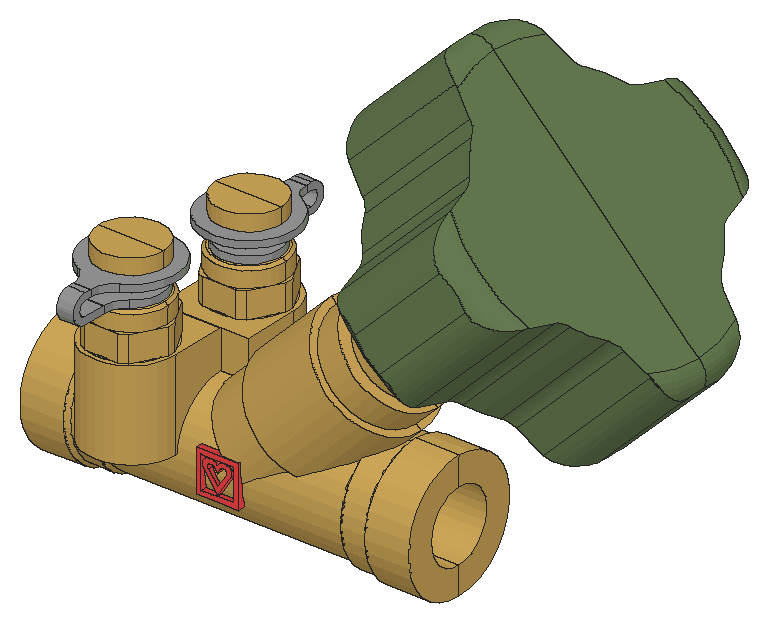
Revit family "Strangregulierventil mit Messblende für Trinkwasseranlagen 4017 MW (LF-MF)", category Rohrzubehör, Revit 2019
Family settings
  Bemaßung runder Anschluss = Durchmesser verwenden
  Teiletyp = Unterbricht
  OmniClass-Nummer = 23.65.55.14
  OmniClass-Titel = Valves for Liquid Services
  Arbeitsebenenbasiert = Nein
  Immer vertikal = Ja
  Beim Laden mit Abzugskörper schneiden = Nein
  Gemeinsam genutzt = Nein
Parameters (values of type "LF")
  kvs-Werte [instance] = if(and(Nennweite = 15.000 mm, LF), 0.46, if(and(Nennweite = 15.000 mm, MF), 0.88, 0))  # 0.46
  kv-Wert der Blende [instance] = if(and(Nennweite = 15.000 mm, LF), 0.48, if(and(Nennweite = 15.000 mm, MF), 0.97, 0))  # 0.48
  W01 = 45.00°  # constant formula
  URL = "www.herz-armaturen.at"
  SW01 = 60.00°  # constant formula
  SCRNSEQ = "FW;SBT_TYP_FW=\"109\";2"
  SCRNCODE = "04;00;02"  # constant formula
  S03 = 60.000 mm  # constant formula
  S02 [instance] = L04 + L06 + L07  # 76.800 mm
  S01 [instance] = D01 * 2  # 27.000 mm
  R03 = 21.500 mm  # constant formula
  R02 = 9.500 mm  # constant formula
  R01 = 12.000 mm  # constant formula
  O-Ringe = "EPDM"  # constant formula
  Medium = "Trinkwasser"  # constant formula
  MF = no
  LF = yes
  L10 [instance] = 28.500 mm  # constant formula
  L09 [instance] = 22.500 mm  # constant formula
  L08 [instance] = 12.700 mm  # constant formula
  L07 [instance] = 35.100 mm  # constant formula
  L06 [instance] = 6.500 mm  # constant formula
  L05 [instance] = 20.200 mm  # constant formula
  L04 [instance] = 35.200 mm  # constant formula
  L03 [instance] = 1.000 mm  # constant formula
  Hinweis = "Gemäß Art 33 der REACH-Verordnung (EG Nr. 1907/2006) sind wir verpflichtet, darauf hinzuweisen, dass der Stoff Blei auf der SVHC-Liste geführt wird und dass alle aus Messing bestehenden Bauteile, die in unseren Erzeugnissen verarbeitet sind, mehr als 0,1 % (w/w) Blei (CAS: 7439-92-1 / EINECS: 231-100-4) enthalten.\r\nDa Blei als Legierungsbestandteil fest gebunden ist, sind keine Expositionen zu erwarten und daher sind keine zusätzlichen Angaben zur sicheren Verwendung notwendig."
  Handrad = "Kunststoff, grün"  # constant formula
  H03 [instance] = H01 - 19.000 mm  # 1.000 mm
  H02 = 13.000 mm  # constant formula
  Gehäuse = "entzinkungsbeständiges Messing (DZR)"  # constant formula
  E01 [instance] = L00 / -2  # -41.500 mm
  E00 = 0.000 mm  # constant formula
  D09 [instance] = 11.750 mm  # constant formula
  D08 [instance] = 9.500 mm  # constant formula
  D07 [instance] = 12.000 mm  # constant formula
  D06 [instance] = 13.500 mm  # constant formula
  D05 [instance] = 12.500 mm  # constant formula
  D04 [instance] = Nennweite / 2  # 7.500 mm
  IG [instance] = Nennweite / 2  # 7.500 mm
  D03 [instance] = 11.900 mm  # constant formula
  D02 [instance] = 12.700 mm  # constant formula
  D01 [instance] = 13.500 mm  # constant formula
  Nennweite [instance] = 15.000 mm  # constant formula
  Max. Differenzdruck bei geschlossenen Sitz = 1000000.0 Pa  # constant formula
  Max. Betriebstemperatur bei 10 bar = 85 °C  # constant formula
  Max. Betriebsdruck bei 20°C = 2000000.0 Pa  # constant formula
  L02 [instance] = 5.000 mm  # constant formula
  L01 [instance] = 9.250 mm  # constant formula
  L00 [instance] = 83.000 mm  # constant formula
  Hersteller = "HERZ Armaturen Ges.m.b.H."  # constant formula
  H01 [instance] = 20.000 mm  # constant formula
  GT [instance] = 13.200 mm  # constant formula
  DN15 [instance] = Nennweite = 15.000 mm  # yes
  Bestellnummer [instance] = if(and(Nennweite = 15.000 mm, LF), 2401700, if(and(Nennweite = 15.000 mm, MF), 2401709, 0))  # 2401700
  Ausführung = "Nach Norm BS 7350 PN20 Serie B\r\nSchrägsitzregulierventil aus Kupferlegierung.\r\nAlle wasserberührten Metallteile sind aus entzinkungsbeständiger Kupferlegierung hergestellt.\r\nDie Oberteile sind mit nichtsteigender Spindel ausgestattet."
  Anwendungsgebiet = "Zum Absperren und Regulieren von Trinkwasseranlagen in Gebäuden bzw. zum hydraulischen Abgleich von Versorgungsleitungen."
Types (3, lengths in mm): name | kvs-Werte | kv-Wert der Blende | MF | LF | Bestellnummer
  (no name) | 0.46 | 0.48 | no | yes | 2401700
  LF | 0.46 | 0.48 | no | yes | 2401700
  MF | 0.88 | 0.97 | yes | no | 2401709
Reference planes
  plane 1 "Mitte (Vorne/hinten)": y = 0
  plane 2: z = 0
  plane 3 "Mitte (Links/rechts)": x = 0
Forms (mm)
  Revolve 1, solid, material "Messing, weicher Gelbton, geschweißt", detail levels fine
    sketch origin (470, 0, 0) x (1, 0, 0) y (0, 0, 1)
      loop
        line (-511.5, 7.5) -> (-498.3, 7.5) -> (-498.3, 0) -> (-441.7, 0) -> (-441.7, 7.5) -> (-428.5, 7.5) -> (-428.5, 13.5) -> (-437.75, 13.5) -> (-438.55, 12.7) -> (-443.55, 12.7) -> (-444.35, 11.9) -> (-495.65, 11.9) -> (-496.45, 12.7) -> (-501.45, 12.7) -> (-502.25, 13.5) -> (-511.5, 13.5) -> (-511.5, 7.5)
      axis (-511.5, 0) -> (-428.5, 0)
    angle from 0 to 360
  Revolve 2, solid, material "Messing, weicher Gelbton, geschweißt", detail levels fine
    sketch origin (0.32, 0, -0.105) x (1, 0, 0) y (0, 0, 1)
      loop
        line (-1.32, 0.105) -> (52.986, 54.411) -> (44.677, 62.719) -> (35.697, 53.739) -> (37.288, 52.148) -> (21.449, 36.309) -> (19.681, 38.076) -> (15.085, 33.48) -> (14.024, 34.541) -> (-0.259, 20.257) -> (0.448, 19.55) -> (-7.098, 12.005) -> (-6.623, 5.408) -> (-1.32, 0.105)
      axis (-1.32, 0.105) -> (52.986, 54.411)
    angle from 0 to 360
  Extrusion 3, solid, material "Messing, weicher Gelbton, geschweißt", detail levels fine
    sketch origin (0, 0, 0) x (1, 0, 0) y (0, 1, 0)
      loop
        arc (-28.5, -12) -> (-19, -21.5) -> (-9.5, -12) r 9.5
        line (-9.5, -12) -> (-9.5, 0) -> (-28.5, 0) -> (-28.5, -12)
    from 1 <- "H03" to 20 <- "H01"
  Extrusion 4, solid, material "Messing, weicher Gelbton, geschweißt", detail levels fine
    sketch origin (0, 0, 0) x (1, 0, 0) y (0, 1, 0)
      loop
        line (-22.5, 12) -> (-22.5, 0) -> (-3.5, 0) -> (-3.5, 12)
        arc (-3.5, 12) -> (-13, 21.5) -> (-22.5, 12) r 9.5
    from 0 to 20 <- "H01"
Lines and regions (mm)
  model lines, detail levels coarse+medium
    curve 1: line (-41.5, 0, 13.5) -> (-41.5, 0, -13.5)
    curve 2: line (-41.5, 0, -13.5) -> (41.5, 0, 13.5)
    curve 3: line (41.5, 0, 13.5) -> (41.5, 0, -13.5)
    curve 4: line (41.5, 0, -13.5) -> (-41.5, 0, 13.5)
    curve 5: line (0, 0, 0) -> (38.4, 0, 66.511)
    curve 6: line (12.419, 0, 81.511) -> (64.381, 0, 51.511)
    curve 7: line (-41.5, -13.5, 0) -> (-41.5, 13.5, 0)
    curve 8: line (-41.5, 13.5, 0) -> (41.5, -13.5, 0)
    curve 9: line (41.5, -13.5, 0) -> (41.5, 13.5, 0)
    curve 10: line (41.5, 13.5, 0) -> (-41.5, -13.5, 0)
    curve 11: line (0, 0, 0) -> (38.4, 66.511, 0)
    curve 12: line (12.419, 81.511, 0) -> (64.381, 51.511, 0)
Dimensions and locks
  "L00": Revolve 1 sketch curve to Revolve 1 sketch curve
  equal spacing: Revolve 1 sketch curve, plane 3 "Mitte (Links/rechts)", Revolve 1 sketch curve
  "D01": Revolve 1 sketch curve to Revolve 1 sketch curve  (x2)
  "GT": Revolve 1 sketch curve to Revolve 1 sketch curve  (x2)
  "D06": Revolve 2 sketch curve to Revolve 2 sketch curve
  "D07": Revolve 2 sketch curve to Revolve 2 sketch curve
  "D08": Revolve 2 sketch curve to Revolve 2 sketch curve
  "D09": Revolve 2 sketch curve to Revolve 2 sketch curve
  equal spacing: curve 1, plane 3 "Mitte (Links/rechts)", curve 3
  "L00": curve 1 to curve 3
  equal spacing: curve 4, plane 2, curve 2
  "S01": curve 4 to curve 1
  "S01": curve 3 to curve 4
  equal spacing: curve 3, plane 2, curve 4
  "S02": curve 5 to curve 5
  equal spacing: curve 6, curve 5, curve 6
  "S03": curve 6 to curve 6
  equal spacing: curve 7, plane 3 "Mitte (Links/rechts)", curve 9
  "L00": curve 7 to curve 9
  equal spacing: curve 10, plane 1 "Mitte (Vorne/hinten)", curve 8
  "S01": curve 8 to curve 10
  equal spacing: curve 9, plane 1 "Mitte (Vorne/hinten)", curve 10
  "S01": curve 10 to curve 9
  "S02": curve 11 to curve 11
  equal spacing: curve 12, curve 11, curve 12
  "S03": curve 12 to curve 12
  "L01": Revolve 1 sketch curve to Revolve 1 sketch curve  (x2)
  "D02": Revolve 1 sketch curve to plane 2  (x2)
  "D03": Revolve 1 sketch curve to plane 2
  "IG": Revolve 1 sketch curve to plane 2  (x2)
  "L02": Revolve 1 sketch curve to Revolve 1 sketch curve  (x2)
  "L04": Revolve 2 sketch curve to Revolve 2 sketch curve
  "L05": Revolve 2 sketch curve to Revolve 2 sketch curve
  "D03": Revolve 2 sketch curve to plane 2
  "L06": Revolve 2 sketch curve to Revolve 2 sketch curve
  "L08": Revolve 2 sketch curve to Revolve 2 sketch curve
  "L07": Revolve 2 sketch curve to Revolve 2 sketch curve
  "D04": Revolve 2 sketch curve to Revolve 2 sketch curve
  "D05": Revolve 2 sketch curve to Revolve 2 sketch curve
  "L03": plane 3 "Mitte (Links/rechts)" to Revolve 2 sketch curve  (x2)
  "D03": nested 1 to plane 1 "Mitte (Vorne/hinten)"
  "L09": Revolve 1 to Extrusion 3 sketch curve
  "R01": Extrusion 3 sketch curve to plane 1 "Mitte (Vorne/hinten)"
  "R01": plane 1 "Mitte (Vorne/hinten)" to Extrusion 4 sketch curve
  "L10": Revolve 1 to Extrusion 4 sketch curve
  "H01": nested 3 to plane 2
  "H01": nested 2 to plane 2
  "R01": nested 3 to plane 1 "Mitte (Vorne/hinten)"
  "R01": plane 1 "Mitte (Vorne/hinten)" to nested 2
  "L10": Revolve 1 to nested 2
  "L09": Revolve 1 to nested 3
  "R02": radius of Extrusion 3 sketch curve
  "R02": radius of Extrusion 4 sketch curve
  "W01": angle level to Revolve 2 sketch curve
  "SW01": angle plane 2 to curve 5
  "SW01": angle plane 1 "Mitte (Vorne/hinten)" to curve 11
  "W01": angle Revolve 1 sketch curve to Revolve 1 sketch curve  (x4)
  "W01": angle plane 2 to Revolve 2 sketch curve
  aligned and locked: level to plane 2
Automatic sketch dimensions
  curve 5 to level = 0.000 mm
  plane 1 "Mitte (Vorne/hinten)" to curve 11 = 0.000 mm
  Revolve 1 sketch curve to level = 0.000 mm  (x2)
  Revolve 1 sketch curve to Revolve 1 sketch curve = 791.990 mm
  Revolve 1 sketch curve to Revolve 1 sketch curve = 2278.983 mm
  Revolve 2 sketch curve to level = 0.000 mm  (x2)
  plane 1 "Mitte (Vorne/hinten)" to Extrusion 3 sketch curve = 0.000 mm
  plane 1 "Mitte (Vorne/hinten)" to Extrusion 4 sketch curve = 0.000 mm
Nested families
  nested 1: "Herz-Logo-vorne" at (0, -11.9, 0) x (0, 1, 0) z (0, 0, 1), type "Herz-Logo-vorne", detail levels fine
  nested 2: "Messstutzen_Band_Austritt_senkrecht_(oben)" at (-13, 12, 2.5), type "Messstutzen_Band_Austritt_senkrecht_(oben)"
    with Schutzkappe yes, Nennweite 0.000 mm, Gewicht 0.00 kg, Bestellnummer 0
  nested 3: "Messstutzen_Band_Eintritt_senkrecht_(oben)" at (-19, -12, 2.5) x (-1, 0, 0) z (0, 0, 1), type "Messstutzen_Band_Eintritt_senkrecht_(oben)"
    with Schutzkappe yes, Nennweite 0.000 mm, Gewicht 0.00 kg, Bestellnummer 0
  nested 4: "Strangregulierventil-Handrad (Grün) DN15-DN32" at (53.306, 0, 54.306), visible <- "DN15", type "Strangregulierventil-Handrad (Grün) DN15-DN32"
    with Nennweite 0.000 mm, Gewicht 0.00 kg, Bestellnummer 0
Connectors
  piping at (-28.3, 0, 0), diameter 15, driven by "Nennweite"
    settings: on Revolve 1, index 1, connector inside diameter 609.6 mm, connector length 0.000 mm, flow factor 0, pipe flow 0.0 L/s, pressure drop 0.0 Pa, fitting loss kfactor 0, connector angle 0.00°, fixture units 0, engagement length 0.000 mm, angle of deflection 0.00°, flow configuration 0, flow direction 1, fitting loss method 0, system type 29, joint type 0, gender type 0, connector reference index -1, connector utility 0, adjustable connector no, is connector primary yes, connector description ""
  piping at (28.3, 0, 0), diameter 15, driven by "Nennweite"
    settings: on Revolve 1, index 2, connector inside diameter 609.6 mm, connector length 0.000 mm, flow factor 0, pipe flow 0.0 L/s, pressure drop 0.0 Pa, fitting loss kfactor 0, connector angle 0.00°, fixture units 0, engagement length 0.000 mm, angle of deflection 0.00°, flow configuration 0, flow direction 2, fitting loss method 0, system type 29, joint type 0, gender type 0, connector reference index -1, connector utility 0, adjustable connector no, is connector primary no, connector description ""
Definition of nested family "Herz-Logo-vorne"
  Reference planes
    plane 1 "Mitte (Vorne/hinten)": y = 0
    plane 2: z = 0
    plane 3 "Mitte (Links/rechts)": x = 0
  Forms (mm)
    Extrusion 1, solid
      sketch origin (0.732, -0.018, 0.017) x (0, -1, 0) y (0, 0, 1)
        loop
          line (-0.018, -4.517) -> (4.482, -4.517) -> (4.482, 4.483) -> (-4.518, 4.483) -> (-4.518, -4.517) -> (-0.018, -4.517)
        loop
          line (-0.05, -3.48) -> (3.482, -3.48) -> (3.482, 3.483) -> (-3.518, 3.483) -> (-3.518, -3.48) -> (-0.05, -3.48)
        loop
          arc (-0.018, 2.383) -> (-1.543, 3.287) -> (-3.067, 2.383) r 1.738
          arc (-3.067, 2.383) -> (-3.191, 1.899) -> (-3.067, 1.415) r 1.009
          line (-3.067, 1.415) -> (-0.018, -3.281) -> (3.032, 1.415)
          arc (3.032, 1.415) -> (3.156, 1.899) -> (3.032, 2.383) r 1.009
          arc (3.032, 2.383) -> (1.507, 3.287) -> (-0.018, 2.383) r 1.738
        loop
          arc (1.885, 1.272) -> (2.005, 1.675) -> (1.885, 2.079) r 0.74
          arc (1.885, 2.079) -> (1.265, 2.416) -> (0.644, 2.079) r 0.74
          line (0.644, 2.079) -> (-0.018, 0.97) -> (-0.679, 2.079)
          arc (-0.679, 2.079) -> (-1.3, 2.416) -> (-1.921, 2.079) r 0.74
          arc (-1.921, 2.079) -> (-2.04, 1.675) -> (-1.921, 1.272) r 0.74
          line (-1.921, 1.272) -> (-0.018, -1.658) -> (1.885, 1.272)
      from 0 to 1.5
  Dimensions and locks
    aligned and locked: level to plane 2
Definition of nested family "Messstutzen_Band_Austritt_senkrecht_(oben)"
  Parameters (values of type "Messstutzen_Band_Austritt_senkrecht_(oben)")
    URL = "www.herz-armaturen.at"
    Schutzkappe [instance] = yes
    Nennweite [instance] = 0.000 mm
    Manufacturer = "Herz Armaturen GmbH"  # constant formula
    Gewicht [instance] = 0.00 kg
    Bestellnummer [instance] = 0
  Reference planes
    plane 1 "Mitte (Vorne/hinten)": y = 0
    plane 2: z = 0
    plane 3 "Mitte (Links/rechts)": x = 0
    plane 4 "Schlaufe 1": z = -27
    plane 5 "Schlaufe 2": z = -31.678
  Forms (mm)
    Revolve 1, solid, detail levels fine
      sketch origin (0, 0, 0) x (1, 0, 0) y (0, 0, 1)
        loop
          line (-7.4, 9) -> (-5.55, 9) -> (-5.55, 6)
          arc (-5.55, 6) -> (-5.626, 5.617) -> (-5.843, 5.293) r 1
          line (-5.843, 5.293) -> (-6.455, 4.681) -> (-6.455, 0.9) -> (-5.555, 0) -> (-2, 0) -> (-2, 17.5) -> (-8.4, 17.5)
          arc (-8.4, 17.5) -> (-7.693, 17.207) -> (-7.4, 16.5) r 1
          line (-7.4, 16.5) -> (-7.4, 9)
        loop
          line (-3.7, 27) -> (-7.3, 27) -> (-7.9, 26.4) -> (-7.9, 23) -> (-2, 23) -> (-2, 35.8) -> (-3.805, 35.8) -> (-4.415, 35.19) -> (-4.415, 30.863) -> (-3.7, 30.45) -> (-3.7, 27)
        axis (0, 0) -> (0, 35.8)
      angle from 0 to 360
    Extrusion 2, solid, detail levels fine
      sketch origin (0, 0, 17.5) x (0, 1, 0) y (-1, 0, 0)
        loop
          arc (-7.07, 5.156) -> (-7.578, 4.375) -> (-8, 3.544) r 8.75
          line (-8, 3.544) -> (-8, -3.544)
          arc (-8, -3.544) -> (-7.578, -4.375) -> (-7.07, -5.156) r 8.75
          line (-7.07, -5.156) -> (-0.93, -8.7)
          arc (-0.93, -8.7) -> (0, -8.75) -> (0.93, -8.7) r 8.75
          line (0.93, -8.7) -> (7.07, -5.156)
          arc (7.07, -5.156) -> (7.578, -4.375) -> (8, -3.544) r 8.75
          line (8, -3.544) -> (8, 3.544)
          arc (8, 3.544) -> (7.578, 4.375) -> (7.07, 5.156) r 8.75
          line (7.07, 5.156) -> (0.93, 8.7)
          arc (0.93, 8.7) -> (0, 8.75) -> (-0.93, 8.7) r 8.75
          line (-0.93, 8.7) -> (-7.07, 5.156)
      from 0 to 5.5
    Revolve 3, solid, visible <- "Schutzkappe", detail levels fine
      sketch origin (0, 0, 0) x (1, 0, 0) y (0, 0, 1)
        loop
          line (0, 35.878) -> (0, 36.678) -> (-7, 36.678) -> (-7, 33.378) -> (-6.1, 33.378) -> (-6.1, 31.678) -> (-6.9, 31.678) -> (-6.9, 30.178) -> (-4.415, 30.178) -> (-4.415, 35.268) -> (-3.805, 35.878) -> (0, 35.878)
        axis (0, 30.178) -> (0, 36.678)
      angle from 0 to 360
    Extrusion 4, solid, detail levels fine
      sketch origin (0, 0, 28.5) x (1, 0, 0) y (0, 1, 0)
        loop
          circle (0, 0) r 3.7
        loop
          arc (-3.906, 5.505) -> (0, -6.75) -> (3.906, 5.505) r 6.75
          arc (3.906, 5.505) -> (2.358, 7.288) -> (1.8, 9.582) r 5
          line (1.8, 9.582) -> (-1.8, 9.582)
          arc (-1.8, 9.582) -> (-2.358, 7.288) -> (-3.906, 5.505) r 5
      from 0 to -1.5
    Extrusion 5, solid, detail levels fine
      sketch origin (0, 0, 33.178) x (1, 0, 0) y (0, 1, 0)
        loop
          circle (0, 0) r 6.1
        loop
          arc (-4.495, 8.652) -> (0, -9.75) -> (4.495, 8.652) r 9.75
          arc (4.495, 8.652) -> (2.527, 10.493) -> (1.8, 13.089) r 5
          line (1.8, 13.089) -> (-1.8, 13.089)
          arc (-1.8, 13.089) -> (-2.527, 10.493) -> (-4.495, 8.652) r 5
      from 0 to -1.5
    Sweep 6, solid, detail levels fine
      path origin (0, 0, 0) x (0, 0, -1) y (0, -1, 0)
        loop
          line (-27.75, -9.582) -> (-27.75, -14.522)
          arc (-27.75, -14.522) -> (-30.089, -16.862) -> (-32.428, -14.522) r 2.339
          line (-32.428, -14.522) -> (-32.428, -13.089)
      profile origin (0, 12.052, 27.75) x (0, 0, 1) y (1, 0, 0)
        loop
          line (-0.75, -1.8) -> (0.75, -1.8) -> (0.75, 1.8) -> (-0.75, 1.8) -> (-0.75, -1.8)
  Dimensions and locks
    aligned and locked: level to plane 2
Definition of nested family "Messstutzen_Band_Eintritt_senkrecht_(oben)"
  Parameters (values of type "Messstutzen_Band_Eintritt_senkrecht_(oben)")
    URL = "www.herz-armaturen.at"
    Schutzkappe [instance] = yes
    Nennweite [instance] = 0.000 mm
    Manufacturer = "Herz Armaturen GmbH"  # constant formula
    Gewicht [instance] = 0.00 kg
    Bestellnummer [instance] = 0
  Reference planes
    plane 1 "Mitte (Vorne/hinten)": y = 0
    plane 2: z = 0
    plane 3 "Mitte (Links/rechts)": x = 0
    plane 4 "Schlaufe 1": z = -27
    plane 5 "Schlaufe 2": z = -31.678
  Forms (mm)
    Revolve 1, solid, detail levels fine
      sketch origin (0, 0, 0) x (1, 0, 0) y (0, 0, 1)
        loop
          line (-7.4, 9) -> (-5.55, 9) -> (-5.55, 6)
          arc (-5.55, 6) -> (-5.626, 5.617) -> (-5.843, 5.293) r 1
          line (-5.843, 5.293) -> (-6.455, 4.681) -> (-6.455, 0.9) -> (-5.555, 0) -> (-2, 0) -> (-2, 17.5) -> (-8.4, 17.5)
          arc (-8.4, 17.5) -> (-7.693, 17.207) -> (-7.4, 16.5) r 1
          line (-7.4, 16.5) -> (-7.4, 9)
        loop
          line (-3.7, 27) -> (-7.3, 27) -> (-7.9, 26.4) -> (-7.9, 23) -> (-2, 23) -> (-2, 35.8) -> (-3.805, 35.8) -> (-4.415, 35.19) -> (-4.415, 30.863) -> (-3.7, 30.45) -> (-3.7, 27)
        axis (0, 0) -> (0, 35.8)
      angle from 0 to 360
    Extrusion 2, solid, detail levels fine
      sketch origin (0, 0, 17.5) x (0, 1, 0) y (-1, 0, 0)
        loop
          arc (-7.07, 5.156) -> (-7.578, 4.375) -> (-8, 3.544) r 8.75
          line (-8, 3.544) -> (-8, -3.544)
          arc (-8, -3.544) -> (-7.578, -4.375) -> (-7.07, -5.156) r 8.75
          line (-7.07, -5.156) -> (-0.93, -8.7)
          arc (-0.93, -8.7) -> (0, -8.75) -> (0.93, -8.7) r 8.75
          line (0.93, -8.7) -> (7.07, -5.156)
          arc (7.07, -5.156) -> (7.578, -4.375) -> (8, -3.544) r 8.75
          line (8, -3.544) -> (8, 3.544)
          arc (8, 3.544) -> (7.578, 4.375) -> (7.07, 5.156) r 8.75
          line (7.07, 5.156) -> (0.93, 8.7)
          arc (0.93, 8.7) -> (0, 8.75) -> (-0.93, 8.7) r 8.75
          line (-0.93, 8.7) -> (-7.07, 5.156)
      from 0 to 5.5
    Revolve 3, solid, visible <- "Schutzkappe", detail levels fine
      sketch origin (0, 0, 0) x (1, 0, 0) y (0, 0, 1)
        loop
          line (0, 35.878) -> (0, 36.678) -> (-7, 36.678) -> (-7, 33.378) -> (-6.1, 33.378) -> (-6.1, 31.678) -> (-6.9, 31.678) -> (-6.9, 30.178) -> (-4.415, 30.178) -> (-4.415, 35.268) -> (-3.805, 35.878) -> (0, 35.878)
        axis (0, 30.178) -> (0, 36.678)
      angle from 0 to 360
    Extrusion 4, solid, detail levels fine
      sketch origin (0, 0, 28.5) x (1, 0, 0) y (0, 1, 0)
        loop
          circle (0, 0) r 3.7
        loop
          arc (-3.906, 5.505) -> (0, -6.75) -> (3.906, 5.505) r 6.75
          arc (3.906, 5.505) -> (2.358, 7.288) -> (1.8, 9.582) r 5
          line (1.8, 9.582) -> (-1.8, 9.582)
          arc (-1.8, 9.582) -> (-2.358, 7.288) -> (-3.906, 5.505) r 5
      from 0 to -1.5
    Extrusion 5, solid, detail levels fine
      sketch origin (0, 0, 33.178) x (1, 0, 0) y (0, 1, 0)
        loop
          circle (0, 0) r 6.1
        loop
          arc (-4.495, 8.652) -> (0, -9.75) -> (4.495, 8.652) r 9.75
          arc (4.495, 8.652) -> (2.527, 10.493) -> (1.8, 13.089) r 5
          line (1.8, 13.089) -> (-1.8, 13.089)
          arc (-1.8, 13.089) -> (-2.527, 10.493) -> (-4.495, 8.652) r 5
      from 0 to -1.5
    Sweep 6, solid, detail levels fine
      path origin (0, 0, 0) x (0, 0, -1) y (0, -1, 0)
        loop
          line (-27.75, -9.582) -> (-27.75, -14.522)
          arc (-27.75, -14.522) -> (-30.089, -16.862) -> (-32.428, -14.522) r 2.339
          line (-32.428, -14.522) -> (-32.428, -13.089)
      profile origin (0, 12.052, 27.75) x (0, 0, 1) y (1, 0, 0)
        loop
          line (-0.75, -1.8) -> (0.75, -1.8) -> (0.75, 1.8) -> (-0.75, 1.8) -> (-0.75, -1.8)
  Dimensions and locks
    aligned and locked: level to plane 2
Definition of nested family "Strangregulierventil-Handrad (Grün) DN15-DN32"
  Parameters (values of type "Strangregulierventil-Handrad (Grün) DN15-DN32")
    URL = "www.herz-armaturen.at"
    Nennweite [instance] = 0.000 mm
    Manufacturer = "Herz Armaturen GmbH"  # constant formula
    Gewicht [instance] = 0.00 kg
    Bestellnummer [instance] = 0
  Reference planes
    plane 1 "Mitte (Vorne/hinten)": y = 0
    plane 2: z = 0
    plane 3 "Mitte (Links/rechts)": x = 0
  Forms (mm)
    Revolve 1, solid, detail levels fine
      sketch origin (0, 0, 0) x (0.707107, 0, -0.707107) y (0.707107, 0, 0.707107)
        loop
          line (0, 0) -> (0, 24.95) -> (-30.992, 24.95)
          arc (-30.992, 24.95) -> (-34.37, 23.636) -> (-35.973, 20.386) r 5
          line (-35.973, 20.386) -> (-37, 8.65) -> (-35.986, -2.936)
          arc (-35.986, -2.936) -> (-34.383, -6.186) -> (-31.005, -7.5) r 5
          line (-31.005, -7.5) -> (-15, -7.5) -> (-15, 0) -> (0, 0)
        axis (0, 24.95) -> (0, -7.5)
      angle from 0 to 360
    Extrusion 2, void
      sketch origin (14.354, 0, 14.354) x (0.707107, 0, -0.707107) y (0, 1, 0)
        loop
          line (3.861, 35.5) -> (-3.861, 35.5)
          arc (-3.861, 35.5) -> (-8.731, 33.847) -> (-11.589, 29.571) r 8
          line (-11.589, 29.571) -> (-13.284, 23.245)
          arc (-13.284, 23.245) -> (-13.982, 21.722) -> (-15.144, 20.516) r 5
          arc (-15.144, 20.516) -> (-18.031, 18.031) -> (-20.516, 15.144) r 25.5
          arc (-20.516, 15.144) -> (-21.722, 13.982) -> (-23.245, 13.284) r 5
          line (-23.245, 13.284) -> (-29.571, 11.589)
          arc (-29.571, 11.589) -> (-33.847, 8.731) -> (-35.5, 3.861) r 8
          line (-35.5, 3.861) -> (-35.5, -3.861)
          arc (-35.5, -3.861) -> (-33.847, -8.731) -> (-29.571, -11.589) r 8
          line (-29.571, -11.589) -> (-23.245, -13.284)
          arc (-23.245, -13.284) -> (-21.722, -13.982) -> (-20.516, -15.144) r 5
          arc (-20.516, -15.144) -> (-18.031, -18.031) -> (-15.144, -20.516) r 25.5
          arc (-15.144, -20.516) -> (-13.982, -21.722) -> (-13.284, -23.245) r 5
          line (-13.284, -23.245) -> (-11.589, -29.571)
          arc (-11.589, -29.571) -> (-8.731, -33.847) -> (-3.861, -35.5) r 8
          line (-3.861, -35.5) -> (3.861, -35.5)
          arc (3.861, -35.5) -> (8.731, -33.847) -> (11.589, -29.571) r 8
          line (11.589, -29.571) -> (13.284, -23.245)
          arc (13.284, -23.245) -> (13.982, -21.722) -> (15.144, -20.516) r 5
          arc (15.144, -20.516) -> (18.031, -18.031) -> (20.516, -15.144) r 25.5
          arc (20.516, -15.144) -> (21.722, -13.982) -> (23.245, -13.284) r 5
          line (23.245, -13.284) -> (29.571, -11.589)
          arc (29.571, -11.589) -> (33.847, -8.731) -> (35.5, -3.861) r 8
          line (35.5, -3.861) -> (35.5, 3.861)
          arc (35.5, 3.861) -> (33.847, 8.731) -> (29.571, 11.589) r 8
          line (29.571, 11.589) -> (23.245, 13.284)
          arc (23.245, 13.284) -> (21.722, 13.982) -> (20.516, 15.144) r 5
          arc (20.516, 15.144) -> (18.031, 18.031) -> (15.144, 20.516) r 25.5
          arc (15.144, 20.516) -> (13.982, 21.722) -> (13.284, 23.245) r 5
          line (13.284, 23.245) -> (11.589, 29.571)
          arc (11.589, 29.571) -> (8.731, 33.847) -> (3.861, 35.5) r 8
        loop
          circle (0, 0) r 38
      from -31.266 to 7.923
  Cuts and joins
    Extrusion 2 cuts Revolve 1
  Dimensions and locks
    Revolve 1 sketch curve to Revolve 1 sketch curve = 15.000 mm
    Revolve 1 sketch curve to Revolve 1 sketch curve = 16.150 mm
    Revolve 1 sketch curve to Revolve 1 sketch curve = 16.300 mm
    angle Revolve 1 sketch curve to Revolve 1 sketch curve = 95.00°
    aligned and locked: level to plane 2
